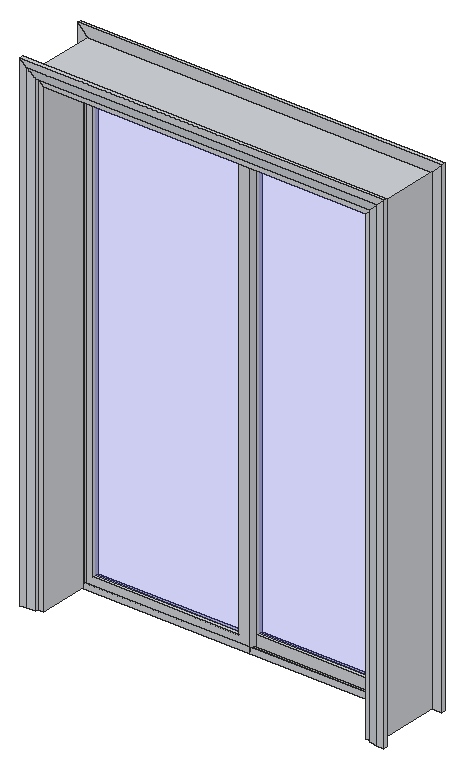
Revit family "auto-Door-SLIDING", category 门, Revit 2020
Family settings
  主体 = 墙
  总是垂直 = 是
  加载时剪切的空心 = 否
  共享 = 否
  房间计算点 = 否
Parameters (values of type "1500 x 2100mm")
  Visual Light Transmittance = 0.9
  厚度 = 30 mm
  Solar Heat Gain Coefficient = 0.78
  Rough Width = 宽度  # 1500 mm
  Rough Height = 高度  # 2100 mm
  构造类型 ID = ""
  传热系数(U) = 3.6886 W/(m²·K)
  玻璃 = none
  功能 = 内部
  分隔条宽度 = 3 mm
  门嵌入 = 20 mm
  贴面宽度 = 65 mm
  贴面厚度 = 15 mm
  框架宽度 = 45 mm
  Assembly Code = ""
  带贴面 [instance] = yes
  框架材质 = none
  门嵌板框架材质 = none
  高度 = 2100 mm
  墙闭合 = 按主体
  宽度 = 1500 mm
  分析构造 = 1/8 英寸 Pilkington 单层玻璃
Types (4, lengths in mm): name | 宽度
  1500 x 2100mm | 1500
  1800 x 2100mm | 1800
  2100 x 2100mm | 2100
  2400 x 2100mm | 2400
Reference planes
  plane 1: y = 0
  plane 2 "中心 L/R": x = 0
  plane 3 "左": x = -750
  plane 4 "右": x = 750
  plane 5: z = 2100
  plane 6 "外部": y = 150
  plane 7 "内部": y = -150
  plane 8: x = -705
  plane 9 "容差": y = 97
  plane 10 "嵌板面 b": y = 130
  plane 11 "嵌板面 a": y = 100
  plane 12 "过梁左侧": x = -730
  plane 13: x = 705
  plane 14 "过梁右侧": x = 730
  plane 15 "框架左侧": x = -720
  plane 16 "框架右侧": x = 720
  plane 17: z = 2055
  plane 18: z = 2070
  plane 19: z = 2080
  plane 20: y = 67
  plane 21: y = 82
  plane 22: y = 115
  plane 23: y = 64
  plane 24: y = -165
  plane 25: y = 165
  plane 26: x = -795
  plane 27: y = 40
  plane 28: y = -40
  plane 29: x = -40
  plane 30: x = 40
  plane 31: y = -20
  plane 32: y = 20
  plane 33: z = 1050
  plane 34: x = 375
  plane 35: x = -375
Forms (mm)
  Sweep 1, solid, material <- "框架材质"
    path origin (0, -150, 0) x (1, 0, 0) y (0, 0, 1)
      loop
        line (-750, 0) -> (-750, 2100) -> (750, 2100) -> (750, 0)
    profile origin (0, -75, 1050) x (-1, 0, 0) y (0, -1, 0)
      loop
        line (750, -225) -> (750, 75) -> (705, 75) -> (705, -139) -> (720, -139) -> (720, -225) -> (750, -225)
  Sweep 2, solid, material <- "框架材质", visible <- "带贴面", detail levels fine
    path origin (0, -150, 0) x (1, 0, 0) y (0, 0, 1)
      loop
        line (-730, 0) -> (-730, 2080) -> (730, 2080) -> (730, 0)
    profile origin (0, -75, 1040) x (-1, 0, 0) y (0, -1, 0)
      loop
        line (730, 75) -> (795, 75) -> (795, 90) -> (765, 90) -> (730, 85) -> (730, 75)
  Sweep 3, solid, material <- "框架材质", visible <- "带贴面", detail levels fine
    path origin (0, 75, 0) x (1, 0, 0) y (0, 0, -1)
      loop
        line (-730, 0) -> (-730, -2080) -> (730, -2080) -> (730, 0)
    profile origin (0, 75, 1040) x (1, 0, 0) y (0, 1, 0)
      loop
        line (-730, 75) -> (-730, 85) -> (-765, 90) -> (-795, 90) -> (-795, 75) -> (-730, 75)
  Sweep 4, solid, material <- "门嵌板框架材质"
    path origin (0, 130, 0) x (-1, 0, 0) y (0, 0, 1)
      loop
        line (-720, 0) -> (720, 0) -> (720, 2070) -> (-720, 2070) -> (-720, 0)
    profile origin (0, 130, 0) x (0, 0, 1) y (0, 1, 0)
      loop
        line (0, -66) -> (25, -66) -> (25, -63) -> (5, -63) -> (5, -48) -> (20, -48) -> (20, -45.173) -> (5, -45.173) -> (5, -17.827) -> (20, -17.827) -> (20, -15) -> (0, -15) -> (0, -66)
  Extrusion 5, solid, material <- "门嵌板框架材质"
    sketch origin (-547.621, 115, 1000) x (-1, 0, 0) y (0, 0, 1)
      loop
        line (-1261.621, 1064) -> (-1261.621, -994) -> (-522.621, -994) -> (-522.621, 1064) -> (-1261.621, 1064)
      loop
        line (-1211.621, 1014) -> (-1211.621, -944) -> (-572.621, -944) -> (-572.621, 1014) -> (-1211.621, 1014)
    from 15 to -15
  Extrusion 6, solid, material <- "玻璃"
    sketch origin (-547.621, 115, 1000) x (-1, 0, 0) y (0, 0, 1)
      loop
        line (-1211.621, -944) -> (-572.621, -944) -> (-572.621, 1014) -> (-1211.621, 1014) -> (-1211.621, -944)
    from 3 to -3
  Extrusion 7, solid, material <- "门嵌板框架材质"
    sketch origin (-547.621, 82, 1000) x (-1, 0, 0) y (0, 0, 1)
      loop
        line (166.379, 1064) -> (-572.621, 1064) -> (-572.621, -994) -> (166.379, -994) -> (166.379, 1064)
      loop
        line (116.379, 1014) -> (-522.621, 1014) -> (-522.621, -944) -> (116.379, -944) -> (116.379, 1014)
    from 15 to -15
  Extrusion 8, solid, material <- "玻璃"
    sketch origin (-547.621, 82, 1000) x (-1, 0, 0) y (0, 0, 1)
      loop
        line (116.379, -944) -> (116.379, 1014) -> (-522.621, 1014) -> (-522.621, -944) -> (116.379, -944)
    from 3 to -3
Lines and regions (mm)
  Opening 1
    outline origin (-3050, -150, 0) x (1, 0, 0) y (0, 0, 1)
      loop
        line (2300, 0) -> (3800, 0) -> (3800, 2100) -> (2300, 2100) -> (2300, 0)
  Masking region 1
    outline origin (0, 0, 0) x (1, 0, 0) y (0, 1, 0)
      loop
        line (-40, 40) -> (-40, 0) -> (-750, 0) -> (-750, -40) -> (40, -40) -> (40, 0) -> (750, 0) -> (750, 40) -> (-40, 40)
  Masking region 2
    outline origin (0, 0, 0) x (0, 1, 0) y (0, 0, 1)
      loop
        line (-150, 2100) -> (-150, 0) -> (150, 0) -> (150, 2100) -> (-150, 2100)
  symbolic lines, style "平/剖面打开方向 - 实线"
    curve 1: line (-40, 40, 0) -> (750, 40, 0)
    curve 2: line (-40, 0, 0) -> (-40, 40, 0)
    curve 3: line (750, 0, 0) -> (-750, 0, 0)
    curve 4: line (750, 40, 0) -> (750, 0, 0)
    curve 5: line (-750, -40, 0) -> (-750, 0, 0)
    curve 6: line (40, -40, 0) -> (-750, -40, 0)
    curve 7: line (40, 0, 0) -> (40, -40, 0)
    curve 8: line (0, -150, 2100) -> (0, 150, 2100)
    curve 9: line (0, -150, 0) -> (0, -150, 2100)
    curve 10: line (0, 150, 0) -> (0, -150, 0)
    curve 11: line (0, 150, 2100) -> (0, 150, 0)
    curve 12: line (0, -20, 2100) -> (0, -20, 0)
    curve 13: line (0, 20, 0) -> (0, 20, 2100)
  symbolic lines, style "立面打开方向 - 实线"
    curve 14: line (525, 115, 1050) -> (225, 115, 1050)
    curve 15: line (225, 115, 1050) -> (318.969, 115, 1084.202)
    curve 16: line (225, 115, 1050) -> (318.969, 115, 1015.798)
    curve 17: line (-525, 115, 1050) -> (-225, 115, 1050)
    curve 18: line (-225, 115, 1050) -> (-318.969, 115, 1084.202)
    curve 19: line (-225, 115, 1050) -> (-318.969, 115, 1015.798)
  symbolic lines, style "InvisibleLines"
    curve 20: line (0, 115, 2070) -> (0, 115, 0)
Text (mm)
  text "外部" at (-2295.016, 1099.543, 0), in view "参照标高"
  text "外部" at (0, 1615.38, 2923.552), in view "左"
  text "外部" at (0, 1036.032, 3874.932), in view "右"
Dimensions and locks
  equal spacing: plane 3 "左", plane 2 "中心 L/R", plane 4 "右"
  "宽度": plane 3 "左" to plane 4 "右"
  "高度": plane 5 to host wall
  host wall to plane 5 = 2100 mm
  locked: plane 6 "外部" to host wall
  locked: plane 7 "内部" to host wall
  "分隔条宽度": plane 11 "嵌板面 a" to plane 9 "容差"
  "厚度": plane 10 "嵌板面 b" to plane 11 "嵌板面 a"
  "门嵌入": plane 10 "嵌板面 b" to plane 6 "外部"
  locked: Sweep 2 sketch curve to plane 12 "过梁左侧" at 35
  locked: Sweep 3 sketch curve to plane 12 "过梁左侧" at 35
  "厚度": plane 20 to plane 9 "容差"
  equal spacing: plane 10 "嵌板面 b", plane 22, plane 11 "嵌板面 a"
  equal spacing: plane 20, plane 21, plane 9 "容差"
  locked: plane 23 to plane 20 at 3
  locked: Sweep 4 sketch curve to Sweep 4 sketch curve at 2.827  (x2)
  Extrusion 5 sketch curve to Extrusion 5 sketch curve to plane 18 = 50 mm locked, 6 mm locked
  level to Extrusion 5 sketch curve to Extrusion 5 sketch curve = 6 mm locked, 50 mm locked
  Extrusion 5 sketch curve to plane 2 "中心 L/R" to Extrusion 5 sketch curve = 25 mm locked, 25 mm locked
  plane 18 to Extrusion 7 sketch curve to Extrusion 7 sketch curve = 6 mm locked, 50 mm
  Extrusion 7 sketch curve to Extrusion 7 sketch curve to plane 15 "框架左侧" = 50 mm, 6 mm locked
  Extrusion 7 sketch curve to Extrusion 7 sketch curve to level = 50 mm, 6 mm
  Extrusion 7 sketch curve to plane 2 "中心 L/R" to Extrusion 7 sketch curve = 25 mm, 25 mm
  "框架宽度": plane 3 "左" to plane 8
  "框架宽度": plane 13 to plane 4 "右"
  "框架宽度": plane 17 to plane 5
  locked: plane 15 "框架左侧" to plane 8 at 15
  locked: plane 3 "左" to plane 12 "过梁左侧" at 20
  locked: plane 13 to plane 16 "框架右侧" at 15
  locked: plane 14 "过梁右侧" to plane 4 "右" at 20
  locked: plane 19 to plane 5 at 20
  locked: plane 17 to plane 18 at 15
  "贴面厚度": plane 6 "外部" to plane 25
  "贴面厚度": plane 7 "内部" to plane 24
  locked: Sweep 2 sketch curve to plane 7 "内部" at 10
  "贴面宽度": plane 26 to plane 12 "过梁左侧"
  locked: plane 6 "外部" to Sweep 3 sketch curve at 10
  plane 27 to plane 1 to plane 28 = 40 mm locked, 40 mm locked
  plane 29 to plane 2 "中心 L/R" to plane 30 = 40 mm locked, 40 mm locked
  plane 31 to plane 1 to plane 32 = 20 mm locked, 20 mm locked
  equal spacing: level, plane 33, plane 5
  curve 16 to plane 34 to curve 14 = 150 mm locked, 150 mm locked
  curve 17 to plane 35 to curve 19 = 150 mm locked, 150 mm locked
  locked: curve 16 to curve 15 at 100
  locked: curve 16 to curve 16 at 100
  locked: curve 19 to curve 18 at 100
  locked: curve 19 to curve 19 at 100
  Extrusion 5 sketch curve to Extrusion 5 sketch curve to plane 16 "框架右侧" = 50 mm locked, 6 mm locked
  equal spacing: plane 2 "中心 L/R", plane 34, plane 4 "右"
  equal spacing: plane 2 "中心 L/R", plane 35, plane 3 "左"
  locked: curve 15 to plane 33 (angle 20.00°)
  locked: plane 33 to curve 16 (angle 20.00°)
  locked: plane 33 to curve 18 (angle 20.00°)
  locked: curve 19 to plane 33 (angle 20.00°)
  aligned and locked: plane 3 "左" to Opening 1 sketch curve
  aligned and locked: plane 5 to Opening 1 sketch curve  (x2)
  aligned and locked: Opening 1 sketch curve to plane 4 "右"
  aligned and locked: Opening 1 sketch curve to level
  aligned and locked: plane 1 to host wall
  aligned and locked: plane 6 "外部" to Sweep 3 sketch curve
  aligned and locked: plane 6 "外部" to Sweep 1 sketch curve
  aligned and locked: Sweep 1 to Sweep 4 sketch curve  (x2)
  aligned and locked: Sweep 4 sketch curve to Sweep 1
  aligned and locked: Sweep 1 sketch curve to plane 23
  aligned and locked: plane 23 to Sweep 4 sketch curve
  aligned and locked: level to Sweep 4 sketch curve
  aligned and locked: Sweep 4 sketch curve to plane 20
  aligned and locked: Sweep 4 sketch curve to plane 21
  aligned and locked: Sweep 4 sketch curve to plane 22
  aligned and locked: Sweep 1 sketch curve to plane 5
  aligned and locked: Sweep 1 sketch curve to plane 4 "右"
  aligned and locked: plane 3 "左" to Sweep 1 sketch curve
  aligned and locked: Sweep 1 sketch curve to plane 7 "内部"
  aligned and locked: Sweep 1 sketch curve to plane 3 "左"
  aligned and locked: plane 15 "框架左侧" to Sweep 1 sketch curve
  aligned and locked: plane 8 to Sweep 1 sketch curve
  aligned and locked: plane 19 to Sweep 2 sketch curve
  aligned and locked: Sweep 2 sketch curve to plane 14 "过梁右侧"
  aligned and locked: Sweep 2 sketch curve to plane 12 "过梁左侧"  (x2)
  aligned and locked: plane 7 "内部" to Sweep 2 sketch curve
  aligned and locked: plane 24 to Sweep 2 sketch curve
  aligned and locked: Sweep 2 sketch curve to plane 26
  aligned and locked: plane 19 to Sweep 3 sketch curve
  aligned and locked: Sweep 3 sketch curve to plane 14 "过梁右侧"
  aligned and locked: Sweep 3 sketch curve to plane 12 "过梁左侧"
  aligned and locked: Sweep 3 sketch curve to plane 25
  aligned and locked: plane 26 to Sweep 3 sketch curve
  aligned and locked: plane 12 "过梁左侧" to Sweep 3 sketch curve
  aligned and locked: Sweep 4 sketch curve to plane 16 "框架右侧"
  aligned and locked: plane 15 "框架左侧" to Sweep 4 sketch curve
  aligned and locked: Extrusion 7 to plane 9 "容差"
  aligned and locked: Extrusion 7 to plane 20
  aligned and locked: Extrusion 5 to plane 10 "嵌板面 b"
  aligned and locked: Extrusion 5 to plane 11 "嵌板面 a"
  aligned and locked: Extrusion 6 sketch curve to Extrusion 5  (x3)
  aligned and locked: Extrusion 6 sketch curve to Extrusion 7
  aligned and locked: Extrusion 8 sketch curve to Extrusion 7  (x3)
  aligned and locked: Extrusion 5 to Extrusion 8 sketch curve
  aligned and locked: Masking region 1 sketch curve to plane 27
  aligned and locked: plane 29 to Masking region 1 sketch curve
  aligned and locked: Masking region 1 sketch curve to plane 1
  aligned and locked: plane 4 "右" to Masking region 1 sketch curve
  aligned and locked: plane 1 to Masking region 1 sketch curve
  aligned and locked: Masking region 1 sketch curve to plane 3 "左"
  aligned and locked: plane 28 to Masking region 1 sketch curve
  aligned and locked: Masking region 1 sketch curve to plane 30
  aligned and locked: curve 1 to plane 27
  aligned and locked: plane 29 to curve 2
  aligned and locked: curve 3 to plane 1
  aligned and locked: plane 4 "右" to curve 4
  aligned and locked: curve 5 to plane 3 "左"
  aligned and locked: plane 28 to curve 6
  aligned and locked: curve 7 to plane 30
  aligned and locked: plane 5 to Masking region 2 sketch curve
  aligned and locked: Masking region 2 sketch curve to plane 7 "内部"
  aligned and locked: level to Masking region 2 sketch curve
  aligned and locked: plane 6 "外部" to Masking region 2 sketch curve
  aligned and locked: plane 5 to curve 8
  aligned and locked: curve 9 to plane 7 "内部"
  aligned and locked: level to curve 10
  aligned and locked: plane 6 "外部" to curve 11
  aligned and locked: curve 12 to plane 31
  aligned and locked: curve 13 to plane 32
  aligned and locked: curve 14 to plane 33
  aligned and locked: plane 33 to curve 17
  aligned and locked: plane 33 to curve 15
  aligned and locked: plane 33 to curve 19
  aligned and locked: plane 2 "中心 L/R" to curve 20
Automatic sketch dimensions
  Sweep 1 sketch curve to level = 0 mm  (x2)
  Sweep 2 sketch curve to level = 0 mm  (x2)
  Sweep 3 sketch curve to level = 0 mm  (x2)
  Sweep 4 sketch curve to profile plane = 5 mm
  Sweep 4 sketch curve to Sweep 4 sketch curve = 0 mm
  Sweep 4 sketch curve to Sweep 4 sketch curve = 15 mm  (x2)
  Sweep 4 sketch curve to Sweep 4 sketch curve = 5 mm
  curve 20 to level = 0 mm
  curve 20 to plane 18 = 0 mm
